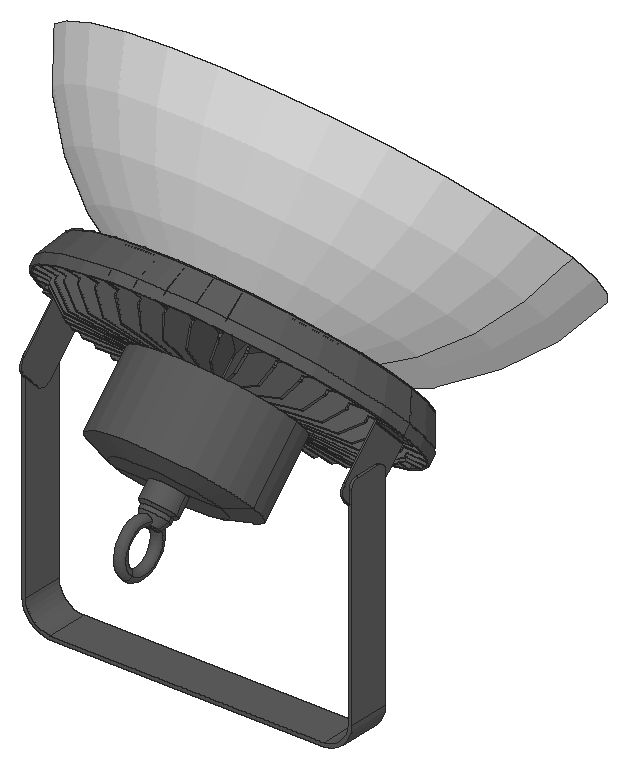
Revit family "0039366+0039354+0039356 Sylvania Lighting Fixture START HighBay IP65 DALI 19000lm 840 WB with BRACKET and ALU SHADE ALU COLOR FOR 13 19KLM", category Lighting Fixtures, host Face, Revit 2016 (continued)
Definition of nested family "Start LED Highbay DALI Head"
  Nested families
    nested 6: "Start Highbay Rib" at (0, 0, 80.875) x (0.7071, 0.7071, 0) z (0, 0, 1), type "Type Name", detail levels medium+fine
      with SuspensionHeight_FEILO 2.6 mm, WidthStraight_FEILO 4.7 mm, WidthRingChamfer_FEILO 12.9 mm, WidthCurved_FEILO 26.2 mm, WidthCurvedRing_FEILO 4.7 mm, SizeS_FEILO no, Rib4_FEILO 14.6 mm, Rib3_FEILO 20.2 mm, Rib2_FEILO 4.5 mm, Rib1_FEILO 19 mm, RadiusDiffuser_FEILO 120 mm, RHRadius3_FEILO 8.6 mm, RHRadius2_FEILO 14 mm, RHRadius1_FEILO 17.7 mm, RHHeight4_FEILO 9.2 mm, RHHeight3_FEILO 4.6 mm, RHHeight2_FEILO 2.6 mm, RHHeight1_FEILO 17.4 mm, HeightRing_FEILO 36.8 mm, HeightRingChamfer_FEILO 26.6 mm, EyeThickness_FEILO 10.5 mm, EyeThicknessHalf_FEILO 5.25 mm, EyeInner_FEILO 17.3 mm, DriverVerticalStraight_FEILO 57 mm, DriverVerticalChamfer_FEILO 9.5 mm, DriverRadius_FEILO 76.4 mm, DriverRadiusTop_FEILO 52.4 mm, DriverBottom_FEILO 74 mm, Radius_FEILO 169.5 mm
    nested 7: "Start Highbay Rib" at (0, 0, 80.875) x (0.5878, 0.809, 0) z (0, 0, 1), type "Type Name", detail levels medium+fine
      with SuspensionHeight_FEILO 2.6 mm, WidthStraight_FEILO 4.7 mm, WidthRingChamfer_FEILO 12.9 mm, WidthCurved_FEILO 26.2 mm, WidthCurvedRing_FEILO 4.7 mm, SizeS_FEILO no, Rib4_FEILO 14.6 mm, Rib3_FEILO 20.2 mm, Rib2_FEILO 4.5 mm, Rib1_FEILO 19 mm, RadiusDiffuser_FEILO 120 mm, RHRadius3_FEILO 8.6 mm, RHRadius2_FEILO 14 mm, RHRadius1_FEILO 17.7 mm, RHHeight4_FEILO 9.2 mm, RHHeight3_FEILO 4.6 mm, RHHeight2_FEILO 2.6 mm, RHHeight1_FEILO 17.4 mm, HeightRing_FEILO 36.8 mm, HeightRingChamfer_FEILO 26.6 mm, EyeThickness_FEILO 10.5 mm, EyeThicknessHalf_FEILO 5.25 mm, EyeInner_FEILO 17.3 mm, DriverVerticalStraight_FEILO 57 mm, DriverVerticalChamfer_FEILO 9.5 mm, DriverRadius_FEILO 76.4 mm, DriverRadiusTop_FEILO 52.4 mm, DriverBottom_FEILO 74 mm, Radius_FEILO 169.5 mm
    nested 8: "Start Highbay Rib" at (0, 0, 80.875) x (0.454, 0.891, 0) z (0, 0, 1), type "Type Name", detail levels medium+fine
      with SuspensionHeight_FEILO 2.6 mm, WidthStraight_FEILO 4.7 mm, WidthRingChamfer_FEILO 12.9 mm, WidthCurved_FEILO 26.2 mm, WidthCurvedRing_FEILO 4.7 mm, SizeS_FEILO no, Rib4_FEILO 14.6 mm, Rib3_FEILO 20.2 mm, Rib2_FEILO 4.5 mm, Rib1_FEILO 19 mm, RadiusDiffuser_FEILO 120 mm, RHRadius3_FEILO 8.6 mm, RHRadius2_FEILO 14 mm, RHRadius1_FEILO 17.7 mm, RHHeight4_FEILO 9.2 mm, RHHeight3_FEILO 4.6 mm, RHHeight2_FEILO 2.6 mm, RHHeight1_FEILO 17.4 mm, HeightRing_FEILO 36.8 mm, HeightRingChamfer_FEILO 26.6 mm, EyeThickness_FEILO 10.5 mm, EyeThicknessHalf_FEILO 5.25 mm, EyeInner_FEILO 17.3 mm, DriverVerticalStraight_FEILO 57 mm, DriverVerticalChamfer_FEILO 9.5 mm, DriverRadius_FEILO 76.4 mm, DriverRadiusTop_FEILO 52.4 mm, DriverBottom_FEILO 74 mm, Radius_FEILO 169.5 mm
    nested 9: "Start Highbay Rib" at (0, 0, 80.875) x (0.309, 0.9511, 0) z (0, 0, 1), type "Type Name", detail levels medium+fine
      with SuspensionHeight_FEILO 2.6 mm, WidthStraight_FEILO 4.7 mm, WidthRingChamfer_FEILO 12.9 mm, WidthCurved_FEILO 26.2 mm, WidthCurvedRing_FEILO 4.7 mm, SizeS_FEILO no, Rib4_FEILO 14.6 mm, Rib3_FEILO 20.2 mm, Rib2_FEILO 4.5 mm, Rib1_FEILO 19 mm, RadiusDiffuser_FEILO 120 mm, RHRadius3_FEILO 8.6 mm, RHRadius2_FEILO 14 mm, RHRadius1_FEILO 17.7 mm, RHHeight4_FEILO 9.2 mm, RHHeight3_FEILO 4.6 mm, RHHeight2_FEILO 2.6 mm, RHHeight1_FEILO 17.4 mm, HeightRing_FEILO 36.8 mm, HeightRingChamfer_FEILO 26.6 mm, EyeThickness_FEILO 10.5 mm, EyeThicknessHalf_FEILO 5.25 mm, EyeInner_FEILO 17.3 mm, DriverVerticalStraight_FEILO 57 mm, DriverVerticalChamfer_FEILO 9.5 mm, DriverRadius_FEILO 76.4 mm, DriverRadiusTop_FEILO 52.4 mm, DriverBottom_FEILO 74 mm, Radius_FEILO 169.5 mm
    nested 10: "Start Highbay Rib" at (0, 0, 80.875) x (0.1564, 0.9877, 0) z (0, 0, 1), type "Type Name", detail levels medium+fine
      with SuspensionHeight_FEILO 2.6 mm, WidthStraight_FEILO 4.7 mm, WidthRingChamfer_FEILO 12.9 mm, WidthCurved_FEILO 26.2 mm, WidthCurvedRing_FEILO 4.7 mm, SizeS_FEILO no, Rib4_FEILO 14.6 mm, Rib3_FEILO 20.2 mm, Rib2_FEILO 4.5 mm, Rib1_FEILO 19 mm, RadiusDiffuser_FEILO 120 mm, RHRadius3_FEILO 8.6 mm, RHRadius2_FEILO 14 mm, RHRadius1_FEILO 17.7 mm, RHHeight4_FEILO 9.2 mm, RHHeight3_FEILO 4.6 mm, RHHeight2_FEILO 2.6 mm, RHHeight1_FEILO 17.4 mm, HeightRing_FEILO 36.8 mm, HeightRingChamfer_FEILO 26.6 mm, EyeThickness_FEILO 10.5 mm, EyeThicknessHalf_FEILO 5.25 mm, EyeInner_FEILO 17.3 mm, DriverVerticalStraight_FEILO 57 mm, DriverVerticalChamfer_FEILO 9.5 mm, DriverRadius_FEILO 76.4 mm, DriverRadiusTop_FEILO 52.4 mm, DriverBottom_FEILO 74 mm, Radius_FEILO 169.5 mm
    nested 11: "Start Highbay Rib" at (0, 0, 80.875) x (0, 1, 0) z (0, 0, 1), type "Type Name", detail levels medium+fine
      with SuspensionHeight_FEILO 2.6 mm, WidthStraight_FEILO 4.7 mm, WidthRingChamfer_FEILO 12.9 mm, WidthCurved_FEILO 26.2 mm, WidthCurvedRing_FEILO 4.7 mm, SizeS_FEILO no, Rib4_FEILO 14.6 mm, Rib3_FEILO 20.2 mm, Rib2_FEILO 4.5 mm, Rib1_FEILO 19 mm, RadiusDiffuser_FEILO 120 mm, RHRadius3_FEILO 8.6 mm, RHRadius2_FEILO 14 mm, RHRadius1_FEILO 17.7 mm, RHHeight4_FEILO 9.2 mm, RHHeight3_FEILO 4.6 mm, RHHeight2_FEILO 2.6 mm, RHHeight1_FEILO 17.4 mm, HeightRing_FEILO 36.8 mm, HeightRingChamfer_FEILO 26.6 mm, EyeThickness_FEILO 10.5 mm, EyeThicknessHalf_FEILO 5.25 mm, EyeInner_FEILO 17.3 mm, DriverVerticalStraight_FEILO 57 mm, DriverVerticalChamfer_FEILO 9.5 mm, DriverRadius_FEILO 76.4 mm, DriverRadiusTop_FEILO 52.4 mm, DriverBottom_FEILO 74 mm, Radius_FEILO 169.5 mm
    nested 12: "Start Highbay Rib" at (0, 0, 80.875) x (-0.1564, 0.9877, 0) z (0, 0, 1), type "Type Name", detail levels medium+fine
      with SuspensionHeight_FEILO 2.6 mm, WidthStraight_FEILO 4.7 mm, WidthRingChamfer_FEILO 12.9 mm, WidthCurved_FEILO 26.2 mm, WidthCurvedRing_FEILO 4.7 mm, SizeS_FEILO no, Rib4_FEILO 14.6 mm, Rib3_FEILO 20.2 mm, Rib2_FEILO 4.5 mm, Rib1_FEILO 19 mm, RadiusDiffuser_FEILO 120 mm, RHRadius3_FEILO 8.6 mm, RHRadius2_FEILO 14 mm, RHRadius1_FEILO 17.7 mm, RHHeight4_FEILO 9.2 mm, RHHeight3_FEILO 4.6 mm, RHHeight2_FEILO 2.6 mm, RHHeight1_FEILO 17.4 mm, HeightRing_FEILO 36.8 mm, HeightRingChamfer_FEILO 26.6 mm, EyeThickness_FEILO 10.5 mm, EyeThicknessHalf_FEILO 5.25 mm, EyeInner_FEILO 17.3 mm, DriverVerticalStraight_FEILO 57 mm, DriverVerticalChamfer_FEILO 9.5 mm, DriverRadius_FEILO 76.4 mm, DriverRadiusTop_FEILO 52.4 mm, DriverBottom_FEILO 74 mm, Radius_FEILO 169.5 mm
    nested 13: "Start Highbay Rib" at (0, 0, 80.875) x (-0.309, 0.9511, 0) z (0, 0, 1), type "Type Name", detail levels medium+fine
      with SuspensionHeight_FEILO 2.6 mm, WidthStraight_FEILO 4.7 mm, WidthRingChamfer_FEILO 12.9 mm, WidthCurved_FEILO 26.2 mm, WidthCurvedRing_FEILO 4.7 mm, SizeS_FEILO no, Rib4_FEILO 14.6 mm, Rib3_FEILO 20.2 mm, Rib2_FEILO 4.5 mm, Rib1_FEILO 19 mm, RadiusDiffuser_FEILO 120 mm, RHRadius3_FEILO 8.6 mm, RHRadius2_FEILO 14 mm, RHRadius1_FEILO 17.7 mm, RHHeight4_FEILO 9.2 mm, RHHeight3_FEILO 4.6 mm, RHHeight2_FEILO 2.6 mm, RHHeight1_FEILO 17.4 mm, HeightRing_FEILO 36.8 mm, HeightRingChamfer_FEILO 26.6 mm, EyeThickness_FEILO 10.5 mm, EyeThicknessHalf_FEILO 5.25 mm, EyeInner_FEILO 17.3 mm, DriverVerticalStraight_FEILO 57 mm, DriverVerticalChamfer_FEILO 9.5 mm, DriverRadius_FEILO 76.4 mm, DriverRadiusTop_FEILO 52.4 mm, DriverBottom_FEILO 74 mm, Radius_FEILO 169.5 mm
    nested 14: "Start Highbay Rib" at (0, 0, 80.875) x (-0.454, 0.891, 0) z (0, 0, 1), type "Type Name", detail levels medium+fine
      with SuspensionHeight_FEILO 2.6 mm, WidthStraight_FEILO 4.7 mm, WidthRingChamfer_FEILO 12.9 mm, WidthCurved_FEILO 26.2 mm, WidthCurvedRing_FEILO 4.7 mm, SizeS_FEILO no, Rib4_FEILO 14.6 mm, Rib3_FEILO 20.2 mm, Rib2_FEILO 4.5 mm, Rib1_FEILO 19 mm, RadiusDiffuser_FEILO 120 mm, RHRadius3_FEILO 8.6 mm, RHRadius2_FEILO 14 mm, RHRadius1_FEILO 17.7 mm, RHHeight4_FEILO 9.2 mm, RHHeight3_FEILO 4.6 mm, RHHeight2_FEILO 2.6 mm, RHHeight1_FEILO 17.4 mm, HeightRing_FEILO 36.8 mm, HeightRingChamfer_FEILO 26.6 mm, EyeThickness_FEILO 10.5 mm, EyeThicknessHalf_FEILO 5.25 mm, EyeInner_FEILO 17.3 mm, DriverVerticalStraight_FEILO 57 mm, DriverVerticalChamfer_FEILO 9.5 mm, DriverRadius_FEILO 76.4 mm, DriverRadiusTop_FEILO 52.4 mm, DriverBottom_FEILO 74 mm, Radius_FEILO 169.5 mm
    nested 15: "Start Highbay Rib" at (0, 0, 80.875) x (-0.5878, 0.809, 0) z (0, 0, 1), type "Type Name", detail levels medium+fine
      with SuspensionHeight_FEILO 2.6 mm, WidthStraight_FEILO 4.7 mm, WidthRingChamfer_FEILO 12.9 mm, WidthCurved_FEILO 26.2 mm, WidthCurvedRing_FEILO 4.7 mm, SizeS_FEILO no, Rib4_FEILO 14.6 mm, Rib3_FEILO 20.2 mm, Rib2_FEILO 4.5 mm, Rib1_FEILO 19 mm, RadiusDiffuser_FEILO 120 mm, RHRadius3_FEILO 8.6 mm, RHRadius2_FEILO 14 mm, RHRadius1_FEILO 17.7 mm, RHHeight4_FEILO 9.2 mm, RHHeight3_FEILO 4.6 mm, RHHeight2_FEILO 2.6 mm, RHHeight1_FEILO 17.4 mm, HeightRing_FEILO 36.8 mm, HeightRingChamfer_FEILO 26.6 mm, EyeThickness_FEILO 10.5 mm, EyeThicknessHalf_FEILO 5.25 mm, EyeInner_FEILO 17.3 mm, DriverVerticalStraight_FEILO 57 mm, DriverVerticalChamfer_FEILO 9.5 mm, DriverRadius_FEILO 76.4 mm, DriverRadiusTop_FEILO 52.4 mm, DriverBottom_FEILO 74 mm, Radius_FEILO 169.5 mm
    nested 16: "Start Highbay Rib" at (0, 0, 80.875) x (-0.7071, 0.7071, 0) z (0, 0, 1), type "Type Name", detail levels medium+fine
      with SuspensionHeight_FEILO 2.6 mm, WidthStraight_FEILO 4.7 mm, WidthRingChamfer_FEILO 12.9 mm, WidthCurved_FEILO 26.2 mm, WidthCurvedRing_FEILO 4.7 mm, SizeS_FEILO no, Rib4_FEILO 14.6 mm, Rib3_FEILO 20.2 mm, Rib2_FEILO 4.5 mm, Rib1_FEILO 19 mm, RadiusDiffuser_FEILO 120 mm, RHRadius3_FEILO 8.6 mm, RHRadius2_FEILO 14 mm, RHRadius1_FEILO 17.7 mm, RHHeight4_FEILO 9.2 mm, RHHeight3_FEILO 4.6 mm, RHHeight2_FEILO 2.6 mm, RHHeight1_FEILO 17.4 mm, HeightRing_FEILO 36.8 mm, HeightRingChamfer_FEILO 26.6 mm, EyeThickness_FEILO 10.5 mm, EyeThicknessHalf_FEILO 5.25 mm, EyeInner_FEILO 17.3 mm, DriverVerticalStraight_FEILO 57 mm, DriverVerticalChamfer_FEILO 9.5 mm, DriverRadius_FEILO 76.4 mm, DriverRadiusTop_FEILO 52.4 mm, DriverBottom_FEILO 74 mm, Radius_FEILO 169.5 mm
    nested 17: "Start Highbay Rib" at (0, 0, 80.875) x (-0.809, 0.5878, 0) z (0, 0, 1), type "Type Name", detail levels medium+fine
      with SuspensionHeight_FEILO 2.6 mm, WidthStraight_FEILO 4.7 mm, WidthRingChamfer_FEILO 12.9 mm, WidthCurved_FEILO 26.2 mm, WidthCurvedRing_FEILO 4.7 mm, SizeS_FEILO no, Rib4_FEILO 14.6 mm, Rib3_FEILO 20.2 mm, Rib2_FEILO 4.5 mm, Rib1_FEILO 19 mm, RadiusDiffuser_FEILO 120 mm, RHRadius3_FEILO 8.6 mm, RHRadius2_FEILO 14 mm, RHRadius1_FEILO 17.7 mm, RHHeight4_FEILO 9.2 mm, RHHeight3_FEILO 4.6 mm, RHHeight2_FEILO 2.6 mm, RHHeight1_FEILO 17.4 mm, HeightRing_FEILO 36.8 mm, HeightRingChamfer_FEILO 26.6 mm, EyeThickness_FEILO 10.5 mm, EyeThicknessHalf_FEILO 5.25 mm, EyeInner_FEILO 17.3 mm, DriverVerticalStraight_FEILO 57 mm, DriverVerticalChamfer_FEILO 9.5 mm, DriverRadius_FEILO 76.4 mm, DriverRadiusTop_FEILO 52.4 mm, DriverBottom_FEILO 74 mm, Radius_FEILO 169.5 mm
    nested 18: "Start Highbay Rib" at (0, 0, 80.875) x (-0.891, 0.454, 0) z (0, 0, 1), type "Type Name", detail levels medium+fine
      with SuspensionHeight_FEILO 2.6 mm, WidthStraight_FEILO 4.7 mm, WidthRingChamfer_FEILO 12.9 mm, WidthCurved_FEILO 26.2 mm, WidthCurvedRing_FEILO 4.7 mm, SizeS_FEILO no, Rib4_FEILO 14.6 mm, Rib3_FEILO 20.2 mm, Rib2_FEILO 4.5 mm, Rib1_FEILO 19 mm, RadiusDiffuser_FEILO 120 mm, RHRadius3_FEILO 8.6 mm, RHRadius2_FEILO 14 mm, RHRadius1_FEILO 17.7 mm, RHHeight4_FEILO 9.2 mm, RHHeight3_FEILO 4.6 mm, RHHeight2_FEILO 2.6 mm, RHHeight1_FEILO 17.4 mm, HeightRing_FEILO 36.8 mm, HeightRingChamfer_FEILO 26.6 mm, EyeThickness_FEILO 10.5 mm, EyeThicknessHalf_FEILO 5.25 mm, EyeInner_FEILO 17.3 mm, DriverVerticalStraight_FEILO 57 mm, DriverVerticalChamfer_FEILO 9.5 mm, DriverRadius_FEILO 76.4 mm, DriverRadiusTop_FEILO 52.4 mm, DriverBottom_FEILO 74 mm, Radius_FEILO 169.5 mm
    nested 19: "Start Highbay Rib" at (0, 0, 80.875) x (-0.9511, 0.309, 0) z (0, 0, 1), type "Type Name", detail levels medium+fine
      with SuspensionHeight_FEILO 2.6 mm, WidthStraight_FEILO 4.7 mm, WidthRingChamfer_FEILO 12.9 mm, WidthCurved_FEILO 26.2 mm, WidthCurvedRing_FEILO 4.7 mm, SizeS_FEILO no, Rib4_FEILO 14.6 mm, Rib3_FEILO 20.2 mm, Rib2_FEILO 4.5 mm, Rib1_FEILO 19 mm, RadiusDiffuser_FEILO 120 mm, RHRadius3_FEILO 8.6 mm, RHRadius2_FEILO 14 mm, RHRadius1_FEILO 17.7 mm, RHHeight4_FEILO 9.2 mm, RHHeight3_FEILO 4.6 mm, RHHeight2_FEILO 2.6 mm, RHHeight1_FEILO 17.4 mm, HeightRing_FEILO 36.8 mm, HeightRingChamfer_FEILO 26.6 mm, EyeThickness_FEILO 10.5 mm, EyeThicknessHalf_FEILO 5.25 mm, EyeInner_FEILO 17.3 mm, DriverVerticalStraight_FEILO 57 mm, DriverVerticalChamfer_FEILO 9.5 mm, DriverRadius_FEILO 76.4 mm, DriverRadiusTop_FEILO 52.4 mm, DriverBottom_FEILO 74 mm, Radius_FEILO 169.5 mm
    nested 20: "Start Highbay Rib" at (0, 0, 80.875) x (-0.9877, 0.1564, 0) z (0, 0, 1), type "Type Name", detail levels medium+fine
      with SuspensionHeight_FEILO 2.6 mm, WidthStraight_FEILO 4.7 mm, WidthRingChamfer_FEILO 12.9 mm, WidthCurved_FEILO 26.2 mm, WidthCurvedRing_FEILO 4.7 mm, SizeS_FEILO no, Rib4_FEILO 14.6 mm, Rib3_FEILO 20.2 mm, Rib2_FEILO 4.5 mm, Rib1_FEILO 19 mm, RadiusDiffuser_FEILO 120 mm, RHRadius3_FEILO 8.6 mm, RHRadius2_FEILO 14 mm, RHRadius1_FEILO 17.7 mm, RHHeight4_FEILO 9.2 mm, RHHeight3_FEILO 4.6 mm, RHHeight2_FEILO 2.6 mm, RHHeight1_FEILO 17.4 mm, HeightRing_FEILO 36.8 mm, HeightRingChamfer_FEILO 26.6 mm, EyeThickness_FEILO 10.5 mm, EyeThicknessHalf_FEILO 5.25 mm, EyeInner_FEILO 17.3 mm, DriverVerticalStraight_FEILO 57 mm, DriverVerticalChamfer_FEILO 9.5 mm, DriverRadius_FEILO 76.4 mm, DriverRadiusTop_FEILO 52.4 mm, DriverBottom_FEILO 74 mm, Radius_FEILO 169.5 mm
    nested 21: "Start Highbay Rib" at (0, 0, 80.875) x (-1, 0, 0) z (0, 0, 1), type "Type Name", detail levels medium+fine
      with SuspensionHeight_FEILO 2.6 mm, WidthStraight_FEILO 4.7 mm, WidthRingChamfer_FEILO 12.9 mm, WidthCurved_FEILO 26.2 mm, WidthCurvedRing_FEILO 4.7 mm, SizeS_FEILO no, Rib4_FEILO 14.6 mm, Rib3_FEILO 20.2 mm, Rib2_FEILO 4.5 mm, Rib1_FEILO 19 mm, RadiusDiffuser_FEILO 120 mm, RHRadius3_FEILO 8.6 mm, RHRadius2_FEILO 14 mm, RHRadius1_FEILO 17.7 mm, RHHeight4_FEILO 9.2 mm, RHHeight3_FEILO 4.6 mm, RHHeight2_FEILO 2.6 mm, RHHeight1_FEILO 17.4 mm, HeightRing_FEILO 36.8 mm, HeightRingChamfer_FEILO 26.6 mm, EyeThickness_FEILO 10.5 mm, EyeThicknessHalf_FEILO 5.25 mm, EyeInner_FEILO 17.3 mm, DriverVerticalStraight_FEILO 57 mm, DriverVerticalChamfer_FEILO 9.5 mm, DriverRadius_FEILO 76.4 mm, DriverRadiusTop_FEILO 52.4 mm, DriverBottom_FEILO 74 mm, Radius_FEILO 169.5 mm
    nested 22: "Start Highbay Rib" at (0, 0, 80.875) x (-0.9877, -0.1564, 0) z (0, 0, 1), type "Type Name", detail levels medium+fine
      with SuspensionHeight_FEILO 2.6 mm, WidthStraight_FEILO 4.7 mm, WidthRingChamfer_FEILO 12.9 mm, WidthCurved_FEILO 26.2 mm, WidthCurvedRing_FEILO 4.7 mm, SizeS_FEILO no, Rib4_FEILO 14.6 mm, Rib3_FEILO 20.2 mm, Rib2_FEILO 4.5 mm, Rib1_FEILO 19 mm, RadiusDiffuser_FEILO 120 mm, RHRadius3_FEILO 8.6 mm, RHRadius2_FEILO 14 mm, RHRadius1_FEILO 17.7 mm, RHHeight4_FEILO 9.2 mm, RHHeight3_FEILO 4.6 mm, RHHeight2_FEILO 2.6 mm, RHHeight1_FEILO 17.4 mm, HeightRing_FEILO 36.8 mm, HeightRingChamfer_FEILO 26.6 mm, EyeThickness_FEILO 10.5 mm, EyeThicknessHalf_FEILO 5.25 mm, EyeInner_FEILO 17.3 mm, DriverVerticalStraight_FEILO 57 mm, DriverVerticalChamfer_FEILO 9.5 mm, DriverRadius_FEILO 76.4 mm, DriverRadiusTop_FEILO 52.4 mm, DriverBottom_FEILO 74 mm, Radius_FEILO 169.5 mm
    nested 23: "Start Highbay Rib" at (0, 0, 80.875) x (-0.9511, -0.309, 0) z (0, 0, 1), type "Type Name", detail levels medium+fine
      with SuspensionHeight_FEILO 2.6 mm, WidthStraight_FEILO 4.7 mm, WidthRingChamfer_FEILO 12.9 mm, WidthCurved_FEILO 26.2 mm, WidthCurvedRing_FEILO 4.7 mm, SizeS_FEILO no, Rib4_FEILO 14.6 mm, Rib3_FEILO 20.2 mm, Rib2_FEILO 4.5 mm, Rib1_FEILO 19 mm, RadiusDiffuser_FEILO 120 mm, RHRadius3_FEILO 8.6 mm, RHRadius2_FEILO 14 mm, RHRadius1_FEILO 17.7 mm, RHHeight4_FEILO 9.2 mm, RHHeight3_FEILO 4.6 mm, RHHeight2_FEILO 2.6 mm, RHHeight1_FEILO 17.4 mm, HeightRing_FEILO 36.8 mm, HeightRingChamfer_FEILO 26.6 mm, EyeThickness_FEILO 10.5 mm, EyeThicknessHalf_FEILO 5.25 mm, EyeInner_FEILO 17.3 mm, DriverVerticalStraight_FEILO 57 mm, DriverVerticalChamfer_FEILO 9.5 mm, DriverRadius_FEILO 76.4 mm, DriverRadiusTop_FEILO 52.4 mm, DriverBottom_FEILO 74 mm, Radius_FEILO 169.5 mm
    nested 24: "Start Highbay Rib" at (0, 0, 80.875) x (-0.891, -0.454, 0) z (0, 0, 1), type "Type Name", detail levels medium+fine
      with SuspensionHeight_FEILO 2.6 mm, WidthStraight_FEILO 4.7 mm, WidthRingChamfer_FEILO 12.9 mm, WidthCurved_FEILO 26.2 mm, WidthCurvedRing_FEILO 4.7 mm, SizeS_FEILO no, Rib4_FEILO 14.6 mm, Rib3_FEILO 20.2 mm, Rib2_FEILO 4.5 mm, Rib1_FEILO 19 mm, RadiusDiffuser_FEILO 120 mm, RHRadius3_FEILO 8.6 mm, RHRadius2_FEILO 14 mm, RHRadius1_FEILO 17.7 mm, RHHeight4_FEILO 9.2 mm, RHHeight3_FEILO 4.6 mm, RHHeight2_FEILO 2.6 mm, RHHeight1_FEILO 17.4 mm, HeightRing_FEILO 36.8 mm, HeightRingChamfer_FEILO 26.6 mm, EyeThickness_FEILO 10.5 mm, EyeThicknessHalf_FEILO 5.25 mm, EyeInner_FEILO 17.3 mm, DriverVerticalStraight_FEILO 57 mm, DriverVerticalChamfer_FEILO 9.5 mm, DriverRadius_FEILO 76.4 mm, DriverRadiusTop_FEILO 52.4 mm, DriverBottom_FEILO 74 mm, Radius_FEILO 169.5 mm
    nested 25: "Start Highbay Rib" at (0, 0, 80.875) x (-0.809, -0.5878, 0) z (0, 0, 1), type "Type Name", detail levels medium+fine
      with SuspensionHeight_FEILO 2.6 mm, WidthStraight_FEILO 4.7 mm, WidthRingChamfer_FEILO 12.9 mm, WidthCurved_FEILO 26.2 mm, WidthCurvedRing_FEILO 4.7 mm, SizeS_FEILO no, Rib4_FEILO 14.6 mm, Rib3_FEILO 20.2 mm, Rib2_FEILO 4.5 mm, Rib1_FEILO 19 mm, RadiusDiffuser_FEILO 120 mm, RHRadius3_FEILO 8.6 mm, RHRadius2_FEILO 14 mm, RHRadius1_FEILO 17.7 mm, RHHeight4_FEILO 9.2 mm, RHHeight3_FEILO 4.6 mm, RHHeight2_FEILO 2.6 mm, RHHeight1_FEILO 17.4 mm, HeightRing_FEILO 36.8 mm, HeightRingChamfer_FEILO 26.6 mm, EyeThickness_FEILO 10.5 mm, EyeThicknessHalf_FEILO 5.25 mm, EyeInner_FEILO 17.3 mm, DriverVerticalStraight_FEILO 57 mm, DriverVerticalChamfer_FEILO 9.5 mm, DriverRadius_FEILO 76.4 mm, DriverRadiusTop_FEILO 52.4 mm, DriverBottom_FEILO 74 mm, Radius_FEILO 169.5 mm
    nested 26: "Start Highbay Rib" at (0, 0, 80.875) x (-0.7071, -0.7071, 0) z (0, 0, 1), type "Type Name", detail levels medium+fine
      with SuspensionHeight_FEILO 2.6 mm, WidthStraight_FEILO 4.7 mm, WidthRingChamfer_FEILO 12.9 mm, WidthCurved_FEILO 26.2 mm, WidthCurvedRing_FEILO 4.7 mm, SizeS_FEILO no, Rib4_FEILO 14.6 mm, Rib3_FEILO 20.2 mm, Rib2_FEILO 4.5 mm, Rib1_FEILO 19 mm, RadiusDiffuser_FEILO 120 mm, RHRadius3_FEILO 8.6 mm, RHRadius2_FEILO 14 mm, RHRadius1_FEILO 17.7 mm, RHHeight4_FEILO 9.2 mm, RHHeight3_FEILO 4.6 mm, RHHeight2_FEILO 2.6 mm, RHHeight1_FEILO 17.4 mm, HeightRing_FEILO 36.8 mm, HeightRingChamfer_FEILO 26.6 mm, EyeThickness_FEILO 10.5 mm, EyeThicknessHalf_FEILO 5.25 mm, EyeInner_FEILO 17.3 mm, DriverVerticalStraight_FEILO 57 mm, DriverVerticalChamfer_FEILO 9.5 mm, DriverRadius_FEILO 76.4 mm, DriverRadiusTop_FEILO 52.4 mm, DriverBottom_FEILO 74 mm, Radius_FEILO 169.5 mm
    nested 27: "Start Highbay Rib" at (0, 0, 80.875) x (-0.5878, -0.809, 0) z (0, 0, 1), type "Type Name", detail levels medium+fine
      with SuspensionHeight_FEILO 2.6 mm, WidthStraight_FEILO 4.7 mm, WidthRingChamfer_FEILO 12.9 mm, WidthCurved_FEILO 26.2 mm, WidthCurvedRing_FEILO 4.7 mm, SizeS_FEILO no, Rib4_FEILO 14.6 mm, Rib3_FEILO 20.2 mm, Rib2_FEILO 4.5 mm, Rib1_FEILO 19 mm, RadiusDiffuser_FEILO 120 mm, RHRadius3_FEILO 8.6 mm, RHRadius2_FEILO 14 mm, RHRadius1_FEILO 17.7 mm, RHHeight4_FEILO 9.2 mm, RHHeight3_FEILO 4.6 mm, RHHeight2_FEILO 2.6 mm, RHHeight1_FEILO 17.4 mm, HeightRing_FEILO 36.8 mm, HeightRingChamfer_FEILO 26.6 mm, EyeThickness_FEILO 10.5 mm, EyeThicknessHalf_FEILO 5.25 mm, EyeInner_FEILO 17.3 mm, DriverVerticalStraight_FEILO 57 mm, DriverVerticalChamfer_FEILO 9.5 mm, DriverRadius_FEILO 76.4 mm, DriverRadiusTop_FEILO 52.4 mm, DriverBottom_FEILO 74 mm, Radius_FEILO 169.5 mm
    nested 28: "Start Highbay Rib" at (0, 0, 80.875) x (-0.454, -0.891, 0) z (0, 0, 1), type "Type Name", detail levels medium+fine
      with SuspensionHeight_FEILO 2.6 mm, WidthStraight_FEILO 4.7 mm, WidthRingChamfer_FEILO 12.9 mm, WidthCurved_FEILO 26.2 mm, WidthCurvedRing_FEILO 4.7 mm, SizeS_FEILO no, Rib4_FEILO 14.6 mm, Rib3_FEILO 20.2 mm, Rib2_FEILO 4.5 mm, Rib1_FEILO 19 mm, RadiusDiffuser_FEILO 120 mm, RHRadius3_FEILO 8.6 mm, RHRadius2_FEILO 14 mm, RHRadius1_FEILO 17.7 mm, RHHeight4_FEILO 9.2 mm, RHHeight3_FEILO 4.6 mm, RHHeight2_FEILO 2.6 mm, RHHeight1_FEILO 17.4 mm, HeightRing_FEILO 36.8 mm, HeightRingChamfer_FEILO 26.6 mm, EyeThickness_FEILO 10.5 mm, EyeThicknessHalf_FEILO 5.25 mm, EyeInner_FEILO 17.3 mm, DriverVerticalStraight_FEILO 57 mm, DriverVerticalChamfer_FEILO 9.5 mm, DriverRadius_FEILO 76.4 mm, DriverRadiusTop_FEILO 52.4 mm, DriverBottom_FEILO 74 mm, Radius_FEILO 169.5 mm
    nested 29: "Start Highbay Rib" at (0, 0, 80.875) x (-0.309, -0.9511, 0) z (0, 0, 1), type "Type Name", detail levels medium+fine
      with SuspensionHeight_FEILO 2.6 mm, WidthStraight_FEILO 4.7 mm, WidthRingChamfer_FEILO 12.9 mm, WidthCurved_FEILO 26.2 mm, WidthCurvedRing_FEILO 4.7 mm, SizeS_FEILO no, Rib4_FEILO 14.6 mm, Rib3_FEILO 20.2 mm, Rib2_FEILO 4.5 mm, Rib1_FEILO 19 mm, RadiusDiffuser_FEILO 120 mm, RHRadius3_FEILO 8.6 mm, RHRadius2_FEILO 14 mm, RHRadius1_FEILO 17.7 mm, RHHeight4_FEILO 9.2 mm, RHHeight3_FEILO 4.6 mm, RHHeight2_FEILO 2.6 mm, RHHeight1_FEILO 17.4 mm, HeightRing_FEILO 36.8 mm, HeightRingChamfer_FEILO 26.6 mm, EyeThickness_FEILO 10.5 mm, EyeThicknessHalf_FEILO 5.25 mm, EyeInner_FEILO 17.3 mm, DriverVerticalStraight_FEILO 57 mm, DriverVerticalChamfer_FEILO 9.5 mm, DriverRadius_FEILO 76.4 mm, DriverRadiusTop_FEILO 52.4 mm, DriverBottom_FEILO 74 mm, Radius_FEILO 169.5 mm
    nested 30: "Start Highbay Rib" at (0, 0, 80.875) x (-0.1564, -0.9877, 0) z (0, 0, 1), type "Type Name", detail levels medium+fine
      with SuspensionHeight_FEILO 2.6 mm, WidthStraight_FEILO 4.7 mm, WidthRingChamfer_FEILO 12.9 mm, WidthCurved_FEILO 26.2 mm, WidthCurvedRing_FEILO 4.7 mm, SizeS_FEILO no, Rib4_FEILO 14.6 mm, Rib3_FEILO 20.2 mm, Rib2_FEILO 4.5 mm, Rib1_FEILO 19 mm, RadiusDiffuser_FEILO 120 mm, RHRadius3_FEILO 8.6 mm, RHRadius2_FEILO 14 mm, RHRadius1_FEILO 17.7 mm, RHHeight4_FEILO 9.2 mm, RHHeight3_FEILO 4.6 mm, RHHeight2_FEILO 2.6 mm, RHHeight1_FEILO 17.4 mm, HeightRing_FEILO 36.8 mm, HeightRingChamfer_FEILO 26.6 mm, EyeThickness_FEILO 10.5 mm, EyeThicknessHalf_FEILO 5.25 mm, EyeInner_FEILO 17.3 mm, DriverVerticalStraight_FEILO 57 mm, DriverVerticalChamfer_FEILO 9.5 mm, DriverRadius_FEILO 76.4 mm, DriverRadiusTop_FEILO 52.4 mm, DriverBottom_FEILO 74 mm, Radius_FEILO 169.5 mm
    nested 31: "Start Highbay Rib" at (0, 0, 80.875) x (0, -1, 0) z (0, 0, 1), type "Type Name", detail levels medium+fine
      with SuspensionHeight_FEILO 2.6 mm, WidthStraight_FEILO 4.7 mm, WidthRingChamfer_FEILO 12.9 mm, WidthCurved_FEILO 26.2 mm, WidthCurvedRing_FEILO 4.7 mm, SizeS_FEILO no, Rib4_FEILO 14.6 mm, Rib3_FEILO 20.2 mm, Rib2_FEILO 4.5 mm, Rib1_FEILO 19 mm, RadiusDiffuser_FEILO 120 mm, RHRadius3_FEILO 8.6 mm, RHRadius2_FEILO 14 mm, RHRadius1_FEILO 17.7 mm, RHHeight4_FEILO 9.2 mm, RHHeight3_FEILO 4.6 mm, RHHeight2_FEILO 2.6 mm, RHHeight1_FEILO 17.4 mm, HeightRing_FEILO 36.8 mm, HeightRingChamfer_FEILO 26.6 mm, EyeThickness_FEILO 10.5 mm, EyeThicknessHalf_FEILO 5.25 mm, EyeInner_FEILO 17.3 mm, DriverVerticalStraight_FEILO 57 mm, DriverVerticalChamfer_FEILO 9.5 mm, DriverRadius_FEILO 76.4 mm, DriverRadiusTop_FEILO 52.4 mm, DriverBottom_FEILO 74 mm, Radius_FEILO 169.5 mm
    nested 32: "Start Highbay Rib" at (0, 0, 80.875) x (0.1564, -0.9877, 0) z (0, 0, 1), type "Type Name", detail levels medium+fine
      with SuspensionHeight_FEILO 2.6 mm, WidthStraight_FEILO 4.7 mm, WidthRingChamfer_FEILO 12.9 mm, WidthCurved_FEILO 26.2 mm, WidthCurvedRing_FEILO 4.7 mm, SizeS_FEILO no, Rib4_FEILO 14.6 mm, Rib3_FEILO 20.2 mm, Rib2_FEILO 4.5 mm, Rib1_FEILO 19 mm, RadiusDiffuser_FEILO 120 mm, RHRadius3_FEILO 8.6 mm, RHRadius2_FEILO 14 mm, RHRadius1_FEILO 17.7 mm, RHHeight4_FEILO 9.2 mm, RHHeight3_FEILO 4.6 mm, RHHeight2_FEILO 2.6 mm, RHHeight1_FEILO 17.4 mm, HeightRing_FEILO 36.8 mm, HeightRingChamfer_FEILO 26.6 mm, EyeThickness_FEILO 10.5 mm, EyeThicknessHalf_FEILO 5.25 mm, EyeInner_FEILO 17.3 mm, DriverVerticalStraight_FEILO 57 mm, DriverVerticalChamfer_FEILO 9.5 mm, DriverRadius_FEILO 76.4 mm, DriverRadiusTop_FEILO 52.4 mm, DriverBottom_FEILO 74 mm, Radius_FEILO 169.5 mm
    nested 33: "Start Highbay Rib" at (0, 0, 80.875) x (0.309, -0.9511, 0) z (0, 0, 1), type "Type Name", detail levels medium+fine
      with SuspensionHeight_FEILO 2.6 mm, WidthStraight_FEILO 4.7 mm, WidthRingChamfer_FEILO 12.9 mm, WidthCurved_FEILO 26.2 mm, WidthCurvedRing_FEILO 4.7 mm, SizeS_FEILO no, Rib4_FEILO 14.6 mm, Rib3_FEILO 20.2 mm, Rib2_FEILO 4.5 mm, Rib1_FEILO 19 mm, RadiusDiffuser_FEILO 120 mm, RHRadius3_FEILO 8.6 mm, RHRadius2_FEILO 14 mm, RHRadius1_FEILO 17.7 mm, RHHeight4_FEILO 9.2 mm, RHHeight3_FEILO 4.6 mm, RHHeight2_FEILO 2.6 mm, RHHeight1_FEILO 17.4 mm, HeightRing_FEILO 36.8 mm, HeightRingChamfer_FEILO 26.6 mm, EyeThickness_FEILO 10.5 mm, EyeThicknessHalf_FEILO 5.25 mm, EyeInner_FEILO 17.3 mm, DriverVerticalStraight_FEILO 57 mm, DriverVerticalChamfer_FEILO 9.5 mm, DriverRadius_FEILO 76.4 mm, DriverRadiusTop_FEILO 52.4 mm, DriverBottom_FEILO 74 mm, Radius_FEILO 169.5 mm
    nested 34: "Start Highbay Rib" at (0, 0, 80.875) x (0.454, -0.891, 0) z (0, 0, 1), type "Type Name", detail levels medium+fine
      with SuspensionHeight_FEILO 2.6 mm, WidthStraight_FEILO 4.7 mm, WidthRingChamfer_FEILO 12.9 mm, WidthCurved_FEILO 26.2 mm, WidthCurvedRing_FEILO 4.7 mm, SizeS_FEILO no, Rib4_FEILO 14.6 mm, Rib3_FEILO 20.2 mm, Rib2_FEILO 4.5 mm, Rib1_FEILO 19 mm, RadiusDiffuser_FEILO 120 mm, RHRadius3_FEILO 8.6 mm, RHRadius2_FEILO 14 mm, RHRadius1_FEILO 17.7 mm, RHHeight4_FEILO 9.2 mm, RHHeight3_FEILO 4.6 mm, RHHeight2_FEILO 2.6 mm, RHHeight1_FEILO 17.4 mm, HeightRing_FEILO 36.8 mm, HeightRingChamfer_FEILO 26.6 mm, EyeThickness_FEILO 10.5 mm, EyeThicknessHalf_FEILO 5.25 mm, EyeInner_FEILO 17.3 mm, DriverVerticalStraight_FEILO 57 mm, DriverVerticalChamfer_FEILO 9.5 mm, DriverRadius_FEILO 76.4 mm, DriverRadiusTop_FEILO 52.4 mm, DriverBottom_FEILO 74 mm, Radius_FEILO 169.5 mm
    nested 35: "Start Highbay Rib" at (0, 0, 80.875) x (0.5878, -0.809, 0) z (0, 0, 1), type "Type Name", detail levels medium+fine
      with SuspensionHeight_FEILO 2.6 mm, WidthStraight_FEILO 4.7 mm, WidthRingChamfer_FEILO 12.9 mm, WidthCurved_FEILO 26.2 mm, WidthCurvedRing_FEILO 4.7 mm, SizeS_FEILO no, Rib4_FEILO 14.6 mm, Rib3_FEILO 20.2 mm, Rib2_FEILO 4.5 mm, Rib1_FEILO 19 mm, RadiusDiffuser_FEILO 120 mm, RHRadius3_FEILO 8.6 mm, RHRadius2_FEILO 14 mm, RHRadius1_FEILO 17.7 mm, RHHeight4_FEILO 9.2 mm, RHHeight3_FEILO 4.6 mm, RHHeight2_FEILO 2.6 mm, RHHeight1_FEILO 17.4 mm, HeightRing_FEILO 36.8 mm, HeightRingChamfer_FEILO 26.6 mm, EyeThickness_FEILO 10.5 mm, EyeThicknessHalf_FEILO 5.25 mm, EyeInner_FEILO 17.3 mm, DriverVerticalStraight_FEILO 57 mm, DriverVerticalChamfer_FEILO 9.5 mm, DriverRadius_FEILO 76.4 mm, DriverRadiusTop_FEILO 52.4 mm, DriverBottom_FEILO 74 mm, Radius_FEILO 169.5 mm
    nested 36: "Start Highbay Rib" at (0, 0, 80.875) x (0.7071, -0.7071, 0) z (0, 0, 1), type "Type Name", detail levels medium+fine
      with SuspensionHeight_FEILO 2.6 mm, WidthStraight_FEILO 4.7 mm, WidthRingChamfer_FEILO 12.9 mm, WidthCurved_FEILO 26.2 mm, WidthCurvedRing_FEILO 4.7 mm, SizeS_FEILO no, Rib4_FEILO 14.6 mm, Rib3_FEILO 20.2 mm, Rib2_FEILO 4.5 mm, Rib1_FEILO 19 mm, RadiusDiffuser_FEILO 120 mm, RHRadius3_FEILO 8.6 mm, RHRadius2_FEILO 14 mm, RHRadius1_FEILO 17.7 mm, RHHeight4_FEILO 9.2 mm, RHHeight3_FEILO 4.6 mm, RHHeight2_FEILO 2.6 mm, RHHeight1_FEILO 17.4 mm, HeightRing_FEILO 36.8 mm, HeightRingChamfer_FEILO 26.6 mm, EyeThickness_FEILO 10.5 mm, EyeThicknessHalf_FEILO 5.25 mm, EyeInner_FEILO 17.3 mm, DriverVerticalStraight_FEILO 57 mm, DriverVerticalChamfer_FEILO 9.5 mm, DriverRadius_FEILO 76.4 mm, DriverRadiusTop_FEILO 52.4 mm, DriverBottom_FEILO 74 mm, Radius_FEILO 169.5 mm
    nested 37: "Start Highbay Rib" at (0, 0, 80.875) x (0.809, -0.5878, 0) z (0, 0, 1), type "Type Name", detail levels medium+fine
      with SuspensionHeight_FEILO 2.6 mm, WidthStraight_FEILO 4.7 mm, WidthRingChamfer_FEILO 12.9 mm, WidthCurved_FEILO 26.2 mm, WidthCurvedRing_FEILO 4.7 mm, SizeS_FEILO no, Rib4_FEILO 14.6 mm, Rib3_FEILO 20.2 mm, Rib2_FEILO 4.5 mm, Rib1_FEILO 19 mm, RadiusDiffuser_FEILO 120 mm, RHRadius3_FEILO 8.6 mm, RHRadius2_FEILO 14 mm, RHRadius1_FEILO 17.7 mm, RHHeight4_FEILO 9.2 mm, RHHeight3_FEILO 4.6 mm, RHHeight2_FEILO 2.6 mm, RHHeight1_FEILO 17.4 mm, HeightRing_FEILO 36.8 mm, HeightRingChamfer_FEILO 26.6 mm, EyeThickness_FEILO 10.5 mm, EyeThicknessHalf_FEILO 5.25 mm, EyeInner_FEILO 17.3 mm, DriverVerticalStraight_FEILO 57 mm, DriverVerticalChamfer_FEILO 9.5 mm, DriverRadius_FEILO 76.4 mm, DriverRadiusTop_FEILO 52.4 mm, DriverBottom_FEILO 74 mm, Radius_FEILO 169.5 mm
    nested 38: "Start Highbay Rib" at (0, 0, 80.875) x (0.891, -0.454, 0) z (0, 0, 1), type "Type Name", detail levels medium+fine
      with SuspensionHeight_FEILO 2.6 mm, WidthStraight_FEILO 4.7 mm, WidthRingChamfer_FEILO 12.9 mm, WidthCurved_FEILO 26.2 mm, WidthCurvedRing_FEILO 4.7 mm, SizeS_FEILO no, Rib4_FEILO 14.6 mm, Rib3_FEILO 20.2 mm, Rib2_FEILO 4.5 mm, Rib1_FEILO 19 mm, RadiusDiffuser_FEILO 120 mm, RHRadius3_FEILO 8.6 mm, RHRadius2_FEILO 14 mm, RHRadius1_FEILO 17.7 mm, RHHeight4_FEILO 9.2 mm, RHHeight3_FEILO 4.6 mm, RHHeight2_FEILO 2.6 mm, RHHeight1_FEILO 17.4 mm, HeightRing_FEILO 36.8 mm, HeightRingChamfer_FEILO 26.6 mm, EyeThickness_FEILO 10.5 mm, EyeThicknessHalf_FEILO 5.25 mm, EyeInner_FEILO 17.3 mm, DriverVerticalStraight_FEILO 57 mm, DriverVerticalChamfer_FEILO 9.5 mm, DriverRadius_FEILO 76.4 mm, DriverRadiusTop_FEILO 52.4 mm, DriverBottom_FEILO 74 mm, Radius_FEILO 169.5 mm
    nested 39: "Start Highbay Rib" at (0, 0, 80.875) x (0.9511, -0.309, 0) z (0, 0, 1), type "Type Name", detail levels medium+fine
      with SuspensionHeight_FEILO 2.6 mm, WidthStraight_FEILO 4.7 mm, WidthRingChamfer_FEILO 12.9 mm, WidthCurved_FEILO 26.2 mm, WidthCurvedRing_FEILO 4.7 mm, SizeS_FEILO no, Rib4_FEILO 14.6 mm, Rib3_FEILO 20.2 mm, Rib2_FEILO 4.5 mm, Rib1_FEILO 19 mm, RadiusDiffuser_FEILO 120 mm, RHRadius3_FEILO 8.6 mm, RHRadius2_FEILO 14 mm, RHRadius1_FEILO 17.7 mm, RHHeight4_FEILO 9.2 mm, RHHeight3_FEILO 4.6 mm, RHHeight2_FEILO 2.6 mm, RHHeight1_FEILO 17.4 mm, HeightRing_FEILO 36.8 mm, HeightRingChamfer_FEILO 26.6 mm, EyeThickness_FEILO 10.5 mm, EyeThicknessHalf_FEILO 5.25 mm, EyeInner_FEILO 17.3 mm, DriverVerticalStraight_FEILO 57 mm, DriverVerticalChamfer_FEILO 9.5 mm, DriverRadius_FEILO 76.4 mm, DriverRadiusTop_FEILO 52.4 mm, DriverBottom_FEILO 74 mm, Radius_FEILO 169.5 mm
    nested 40: "Start Highbay Rib" at (0, 0, 80.875) x (0.9877, -0.1564, 0) z (0, 0, 1), type "Type Name", detail levels medium+fine
      with SuspensionHeight_FEILO 2.6 mm, WidthStraight_FEILO 4.7 mm, WidthRingChamfer_FEILO 12.9 mm, WidthCurved_FEILO 26.2 mm, WidthCurvedRing_FEILO 4.7 mm, SizeS_FEILO no, Rib4_FEILO 14.6 mm, Rib3_FEILO 20.2 mm, Rib2_FEILO 4.5 mm, Rib1_FEILO 19 mm, RadiusDiffuser_FEILO 120 mm, RHRadius3_FEILO 8.6 mm, RHRadius2_FEILO 14 mm, RHRadius1_FEILO 17.7 mm, RHHeight4_FEILO 9.2 mm, RHHeight3_FEILO 4.6 mm, RHHeight2_FEILO 2.6 mm, RHHeight1_FEILO 17.4 mm, HeightRing_FEILO 36.8 mm, HeightRingChamfer_FEILO 26.6 mm, EyeThickness_FEILO 10.5 mm, EyeThicknessHalf_FEILO 5.25 mm, EyeInner_FEILO 17.3 mm, DriverVerticalStraight_FEILO 57 mm, DriverVerticalChamfer_FEILO 9.5 mm, DriverRadius_FEILO 76.4 mm, DriverRadiusTop_FEILO 52.4 mm, DriverBottom_FEILO 74 mm, Radius_FEILO 169.5 mm
  Definition of nested family "Start Highbay Rib"
    Parameters (values of type "Type Name")
      WidthStraight_FEILO = if(SizeS_FEILO, 3 mm, if(SizeM_FEILO, 4 mm, 4.7 mm))  # 3 mm
      WidthRingChamfer_FEILO = if(SizeS_FEILO, 10.3 mm, if(SizeM_FEILO, 11.2 mm, 12.9 mm))  # 10.3 mm
      WidthCurved_FEILO = if(SizeS_FEILO, 17.4 mm, if(SizeM_FEILO, 16.4 mm, 26.2 mm))  # 17.4 mm
      WidthCurvedRing_FEILO = if(SizeS_FEILO, 3 mm, if(SizeM_FEILO, 4 mm, 4.7 mm))  # 3 mm
      WidthBracket_FEILO = 40 mm
      URL = "http://www.feilosylvania.com"
      Type Image = (empty or 0)
      Type Comments = "n/a"
      ThicknessWall_FEILO = 1.5 mm
      ThicknessBracket_FEILO = 1.5 mm
      ThicknessBracketHalf_FEILO = ThicknessBracket_FEILO / 2  # 0.75 mm
      SuspensionHeight_FEILO [instance] = 2.6 mm
      SizeS_FEILO = yes
      SizeM_FEILO = no
      Rib4_FEILO = if(SizeS_FEILO, 18.1 mm, if(SizeM_FEILO, 13.6 mm, 14.6 mm))  # 18.1 mm
      Rib3_FEILO = if(SizeS_FEILO, 15.3 mm, if(SizeM_FEILO, 17.6 mm, 20.2 mm))  # 15.3 mm
      Rib2_FEILO = if(SizeS_FEILO, 3.6 mm, if(SizeM_FEILO, 3.9 mm, 4.5 mm))  # 3.6 mm
      Rib1_FEILO = if(SizeS_FEILO, 15.1 mm, if(SizeM_FEILO, 16.5 mm, 19 mm))  # 15.1 mm
      RadiusRib_FEILO = 2 mm
      RadiusDiffuser_FEILO = if(SizeS_FEILO, 95.2 mm, if(SizeM_FEILO, 105.3 mm, 120 mm))  # 95.2 mm
      RHRadius3_FEILO = if(SizeS_FEILO, 6.6 mm, if(SizeM_FEILO, 7.4 mm, 8.6 mm))  # 6.6 mm
      RHRadius2_FEILO = if(SizeS_FEILO, 11 mm, if(SizeM_FEILO, 12 mm, 14 mm))  # 11 mm
      RHRadius1_FEILO = if(SizeS_FEILO, 13.6 mm, if(SizeM_FEILO, 14.9 mm, 17.7 mm))  # 13.6 mm
      RHHeight4_FEILO = if(SizeS_FEILO, 7.3 mm, if(SizeM_FEILO, 8 mm, 9.2 mm))  # 7.3 mm
      RHHeight3_FEILO = if(SizeS_FEILO, 3.6 mm, if(SizeM_FEILO, 3.7 mm, 4.6 mm))  # 3.6 mm
      RHHeight2_FEILO = if(SizeS_FEILO, 2 mm, if(SizeM_FEILO, 2.2 mm, 2.6 mm))  # 2 mm
      RHHeight1_FEILO = if(SizeS_FEILO, 11.8 mm, if(SizeM_FEILO, 15.3 mm, 17.4 mm))  # 11.8 mm
      Material_3_FEILO = none
      Model = ""
      Manufacturer = "Feilo Sylvania"
      Keynote = "16500"
      HeightRing_FEILO = if(SizeS_FEILO, 19.8 mm, if(SizeM_FEILO, 32 mm, 36.8 mm))  # 19.8 mm
      HeightRingChamfer_FEILO = if(SizeS_FEILO, 11.7 mm, if(SizeM_FEILO, 23.2 mm, 26.6 mm))  # 11.7 mm
      EyeThickness_FEILO = if(SizeS_FEILO, 8.4 mm, if(SizeM_FEILO, 9.2 mm, 10.5 mm))  # 8.4 mm
      EyeThicknessHalf_FEILO = EyeThickness_FEILO / 2  # 4.2 mm
      EyeInner_FEILO = if(SizeS_FEILO, 13.8 mm, if(SizeM_FEILO, 15.1 mm, 17.3 mm))  # 13.8 mm
      DriverVerticalStraight_FEILO = if(SizeS_FEILO, 46.5 mm, if(SizeM_FEILO, 49.7 mm, 57 mm))  # 46.5 mm
      DriverVerticalChamfer_FEILO = if(SizeS_FEILO, 7.5 mm, if(SizeM_FEILO, 8.2 mm, 9.5 mm))  # 7.5 mm
      DriverRadius_FEILO = if(SizeS_FEILO, 61.4 mm, if(SizeM_FEILO, 67.2 mm, 76.4 mm))  # 61.4 mm
      DriverRadiusTop_FEILO = if(SizeS_FEILO, 42 mm, if(SizeM_FEILO, 45.3 mm, 52.4 mm))  # 42 mm
      DriverBottom_FEILO = if(SizeS_FEILO, 56 mm, if(SizeM_FEILO, 64.5 mm, 74 mm))  # 56 mm
      Material_2_FEILO = none
      Radius_FEILO = if(SizeS_FEILO, 135 mm, if(SizeM_FEILO, 148 mm, 169.5 mm))  # 135 mm
      Description = ""
      Default Elevation = 1219.2 mm
      Cost = 0
      Material_1_FEILO = none
      Assembly Code = "D5020200"
      Material_4_FEILO = none
    Reference planes
      plane 1 "Center (Front/Back)": y = 0
      plane 2: z = 0
      plane 3 "Center (Left/Right)": x = 0
      plane 4: z = 2.6
      plane 5: x = -135
      plane 6: x = -124.7
      plane 7: z = -9.1
      plane 8: z = -17.2
      plane 9: x = -121.7
      plane 10: z = -0.025
      plane 11: x = -104.3
      plane 12: x = -95.2
      plane 13: x = -118.7
      plane 14: z = 0.975
      plane 15: z = -1.025
      plane 16: x = -92.2
      plane 17: z = -2.025
      plane 18: x = -133.5
      plane 19: x = -119.9
      plane 20: z = -20.8
      plane 21: x = -104.6
      plane 22: z = -38.9
      plane 23: x = -20
      plane 24: z = -53.4
      plane 25: x = -61.4
      plane 26: z = -99.9
      plane 27: x = -42
      plane 28: z = -107.4
      plane 29: x = -13.6
      plane 30: z = -119.2
      plane 31: z = -121.2
      plane 32: x = -11
      plane 33: z = -124.8
      plane 34: z = -132.1
      plane 35: x = -6.6
      plane 36: z = -145.9
      plane 37: z = -159.7
      plane 38: x = 4.2
      plane 39: x = -4.2
      plane 40: z = -168.1
      plane 41: z = -163.9
      plane 42: x = -129.1
      plane 43: x = -132.5
      plane 44: z = -18.7
      plane 45: x = -123.2
      plane 46: z = -76.65
      plane 47: y = -20
      plane 48: y = 20
      plane 49: x = 135
      plane 50: x = 124.7
      plane 51: x = 133.5
      plane 52: x = 129.1
      plane 53: x = 132.5
      plane 54: x = 123.2
      plane 55: y = 0.75
      plane 56: y = -0.75
    Forms (mm)
      Extrusion 1, solid
        sketch origin (4.2, 0, 0) x (1, 0, 0) y (0, 1, 0)
          loop
            line (-1219.2, 1219.2) -> (-1219.2, -1219.2) -> (1219.2, -1219.2) -> (1219.2, 1219.2) -> (-1219.2, 1219.2)
        from 0 to -68.017
      Extrusion 2, solid, material <- "Material_1_FEILO"
        sketch origin (0, 0, 0) x (1, 0, 0) y (0, 0, 1)
          loop
            arc (-104.3, -0.025) -> (-111.555, 0.423) -> (-118.7, 1.76) r 58.981
            line (-118.7, 1.76) -> (-118.7, -0.025) -> (-125.012, -0.025) -> (-133.5, -9.666) -> (-133.5, -17.2) -> (-119.9, -17.2) -> (-119.9, -20.068)
            arc (-119.9, -20.068) -> (-119.778, -20.755) -> (-119.427, -21.359) r 2
            line (-119.427, -21.359) -> (-104.966, -38.467)
            arc (-104.966, -38.467) -> (-104.381, -38.789) -> (-103.723, -38.9) r 2
            line (-103.723, -38.9) -> (-20, -38.9) -> (-20, -9.1) -> (-95.2, -9.1) -> (-95.2, -2.025) -> (-104.3, -2.025) -> (-104.3, -0.025)
        from -0.75 to 0.75
    Lines and regions (mm)
      reference lines
        curve 1: line (-135, 0, -9.1) -> (-124.7, 0, 2.6)
        curve 2: line (-104.3, 0, -0.025) -> (0, 0, -0.025)
        curve 3: arc (-104.3, 0, -0.025) -> (-113.098, 0, 0.635) -> (-121.7, 0, 2.6) r 58.981
        curve 4: line (-124.7, 0, 2.6) -> (-121.7, 0, 2.6)
        curve 5: line (-125.012, 0, -0.025) -> (-133.5, 0, -9.666)
        curve 6: line (-119.9, 0, -20.8) -> (-104.6, 0, -38.9)
    Dimensions and locks
      "Radius_FEILO": plane 3 "Center (Left/Right)" to plane 5
      "WidthRingChamfer_FEILO": plane 6 to plane 5
      "WidthStraight_FEILO": plane 9 to plane 6
      "WidthCurvedRing_FEILO": plane 13 to plane 9
      locked: plane 10 to plane 15 at 1
      locked: plane 14 to plane 10 at 1
      locked: plane 4 to plane 10 at 2.625
      locked: plane 15 to plane 17 at 1
      "ThicknessWall_FEILO": plane 18 to plane 5
      "ThicknessWall_FEILO": curve 5 to curve 1
      "HeightRingChamfer_FEILO": plane 4 to plane 7
      "HeightRing_FEILO": plane 4 to plane 8
      "RadiusDiffuser_FEILO": plane 3 "Center (Left/Right)" to plane 12
      locked: plane 16 to plane 12 at 3
      "WidthCurved_FEILO": plane 11 to plane 9
      "SuspensionHeight_FEILO": plane 4 to plane 2
      "Rib1_FEILO": plane 19 to plane 5
      "Rib2_FEILO": plane 8 to plane 20
      "Rib3_FEILO": plane 21 to plane 19
      "Rib4_FEILO": plane 20 to plane 22
      locked: plane 3 "Center (Left/Right)" to plane 23 at 20
      "DriverBottom_FEILO": plane 4 to plane 24
      "DriverRadius_FEILO": plane 3 "Center (Left/Right)" to plane 25
      "DriverVerticalStraight_FEILO": plane 24 to plane 26
      "DriverRadiusTop_FEILO": plane 3 "Center (Left/Right)" to plane 27
      "DriverVerticalChamfer_FEILO": plane 26 to plane 28
      "RHRadius1_FEILO": plane 3 "Center (Left/Right)" to plane 29
      "RHHeight2_FEILO": plane 30 to plane 31
      "RHRadius2_FEILO": plane 3 "Center (Left/Right)" to plane 32
      "RHHeight3_FEILO": plane 31 to plane 33
      "RHHeight4_FEILO": plane 33 to plane 34
      "RHRadius3_FEILO": plane 3 "Center (Left/Right)" to plane 35
      "RHHeight1_FEILO": plane 28 to plane 30
      "EyeInner_FEILO": plane 34 to plane 36
      "EyeInner_FEILO": plane 36 to plane 37
      equal spacing: plane 38, plane 3 "Center (Left/Right)", plane 39
      "EyeThickness_FEILO": plane 38 to plane 39
      "EyeThickness_FEILO": plane 37 to plane 40
      equal spacing: plane 37, plane 41, plane 40
      equal spacing: plane 6, plane 42, plane 18
      "ThicknessBracket_FEILO": plane 45 to plane 6
      "ThicknessBracket_FEILO": plane 8 to plane 44
      locked: plane 43 to plane 18 at 1
      equal spacing: plane 24, plane 46, plane 26
      equal spacing: plane 47, plane 1 "Center (Front/Back)", plane 48
      "WidthBracket_FEILO": plane 47 to plane 48
      "WidthRingChamfer_FEILO": plane 50 to plane 49
      "ThicknessWall_FEILO": plane 51 to plane 49
      equal spacing: plane 50, plane 52, plane 51
      "ThicknessBracket_FEILO": plane 54 to plane 50
      locked: plane 53 to plane 51 at 1
      "Radius_FEILO": plane 49 to plane 3 "Center (Left/Right)"
      equal spacing: plane 56, plane 1 "Center (Front/Back)", plane 55
      "ThicknessWall_FEILO": plane 56 to plane 55
      "RadiusRib_FEILO": radius of Extrusion 2 sketch curve  (x2)
      aligned and locked: plane 2 to Extrusion 1
      aligned and locked: level to Extrusion 1
      aligned and locked: plane 5 to curve 1
      aligned and locked: plane 6 to curve 1
      aligned and locked: plane 7 to curve 1
      aligned and locked: plane 10 to curve 2
      aligned and locked: plane 9 to curve 3
      aligned and locked: plane 4 to curve 3
      aligned and locked: plane 11 to curve 3
      aligned and locked: plane 4 to curve 4
      aligned and locked: plane 18 to curve 5
      aligned and locked: plane 10 to curve 5
      aligned and locked: plane 22 to curve 6
      aligned and locked: plane 21 to curve 6
      aligned and locked: plane 20 to curve 6
      aligned and locked: plane 19 to curve 6
      aligned and locked: Extrusion 2 sketch curve to plane 23
      aligned and locked: Extrusion 2 sketch curve to plane 22
      aligned and locked: Extrusion 2 sketch curve to curve 6
      aligned and locked: plane 19 to Extrusion 2 sketch curve
      aligned and locked: Extrusion 2 sketch curve to plane 8
      aligned and locked: Extrusion 2 sketch curve to curve 5
      aligned and locked: Extrusion 2 sketch curve to curve 3
      aligned and locked: Extrusion 2 to plane 55
      aligned and locked: plane 56 to Extrusion 2
      aligned and locked: curve 6 to Extrusion 2 sketch curve
    Automatic sketch dimensions
      Extrusion 1 sketch curve to Extrusion 1 sketch curve = 2438.4 mm  (x2)
      curve 2 to plane 3 "Center (Left/Right)" = 0 mm
      Extrusion 2 sketch curve to plane 18 = 0 mm
      Extrusion 2 sketch curve to plane 10 = 0 mm
      Extrusion 2 sketch curve to plane 13 = 0 mm
      Extrusion 2 sketch curve to plane 7 = 0 mm
      Extrusion 2 sketch curve to plane 12 = 0 mm
      Extrusion 2 sketch curve to plane 17 = 0 mm
      plane 19 to Extrusion 2 sketch curve = 0.473 mm
      Extrusion 2 sketch curve to plane 21 = 0.366 mm
